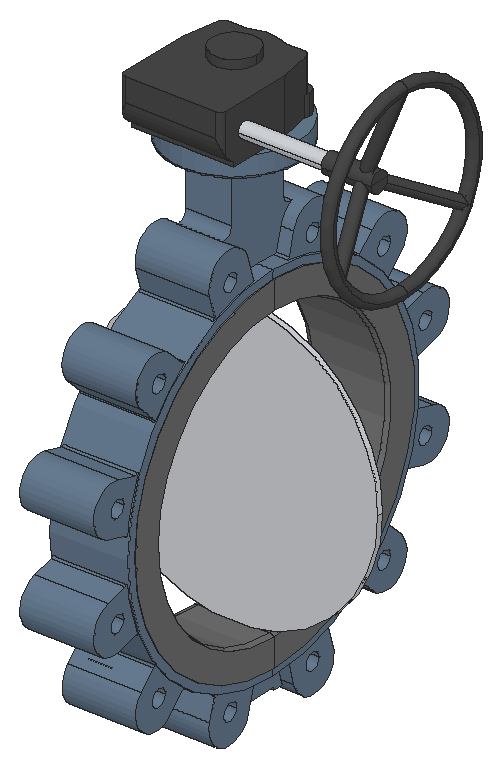
Revit family "HERZ Isolating Butterfly Valves AF-4219 with gearbox", category Rohrzubehör, Revit 2019 (continued)
Definition of nested family "Getriebe für Klappe DN50-DN200"
  Dimensions and locks
    aligned and locked: level to plane 2
  Automatic sketch dimensions
    Extrusion 3 sketch curve to level = 0 mm
    plane 1 "Mitte (Vorne/hinten)" to Extrusion 3 sketch curve = 80 mm
    Extrusion 3 sketch curve to Extrusion 3 sketch curve = 15.427 mm
    Extrusion 3 sketch curve to Extrusion 3 sketch curve = 13.173 mm
    level to Extrusion 3 sketch curve = 4.9 mm
    plane 1 "Mitte (Vorne/hinten)" to Extrusion 5 sketch curve = 0 mm
    Extrusion 5 sketch curve to plane 3 "Mitte (Links/rechts)" = 0 mm
    level to Revolve 7 sketch curve = 28.6 mm  (x2)
    plane 3 "Mitte (Links/rechts)" to Revolve 7 sketch curve = 172 mm
    level to Revolve 7 sketch curve = 26.361 mm
    Revolve 7 sketch curve to Revolve 7 sketch curve = 5.567 mm
    level to Revolve 7 sketch curve = 120.6 mm
    Revolve 7 sketch curve to Revolve 7 sketch curve = 0 mm  (x3)
    plane 3 "Mitte (Links/rechts)" to Revolve 10 sketch curve = 172 mm
    Revolve 10 sketch curve to Revolve 10 sketch curve = 5.567 mm
    Revolve 10 sketch curve to Revolve 10 sketch curve = 37 mm
    Revolve 10 sketch curve to Revolve 10 sketch curve = 2.239 mm
    Revolve 10 sketch curve to Revolve 10 sketch curve = 0 mm  (x4)
    plane 3 "Mitte (Links/rechts)" to Revolve 9 sketch curve = 172 mm
    Revolve 9 sketch curve to Revolve 9 sketch curve = 5.567 mm
    Revolve 9 sketch curve to Revolve 9 sketch curve = 37 mm
    Revolve 9 sketch curve to Revolve 9 sketch curve = 2.239 mm
    Revolve 9 sketch curve to Revolve 9 sketch curve = 0 mm  (x4)
    Extrusion 1 sketch curve to plane 3 "Mitte (Links/rechts)" = 0 mm
    plane 1 "Mitte (Vorne/hinten)" to Extrusion 1 sketch curve = 0 mm  (x2)
    Extrusion 1 sketch curve to plane 1 "Mitte (Vorne/hinten)" = 35.392 mm
    Extrusion 1 sketch curve to Extrusion 1 sketch curve = 18.48 mm  (x2)
    Extrusion 2 sketch curve to plane 3 "Mitte (Links/rechts)" = 35.7 mm
    plane 3 "Mitte (Links/rechts)" to Extrusion 2 sketch curve = 35.7 mm
    Revolve 4 sketch curve to plane 3 "Mitte (Links/rechts)" = 0 mm  (x2)
    Revolve 4 sketch curve to Revolve 4 sketch curve = 0 mm  (x2)
    Revolve 6 sketch curve to plane 3 "Mitte (Links/rechts)" = 1506.53 mm
    Revolve 6 sketch curve to Revolve 6 sketch curve = 1630.148 mm
    Revolve 8 sketch curve to Revolve 8 sketch curve = 7.5 mm
    Revolve 8 sketch curve to Revolve 8 sketch curve = 0 mm  (x2)
    radius of Extrusion 5 sketch curve = 22.3 mm
Definition of nested family "Getriebe für Klappe DN250-DN300"
  Parameters (values of type "Getriebe für Klappe DN250-DN300")
    W01 = 11.19°  # constant formula
    URL = "www.herz-armaturen.at"
    R07 = 92 mm  # constant formula
    R06 = 6 mm  # constant formula
    R05 = 10 mm  # constant formula
    R04 = 7.5 mm  # constant formula
    R03 = 10.5 mm  # constant formula
    R02 = 5.4 mm  # constant formula
    R01 = 44.9 mm  # constant formula
    M01 = 37 mm  # constant formula
    L03 = 52 mm  # constant formula
    L02 = 39.6 mm  # constant formula
    L01 = 80 mm  # constant formula
    Manufacturer = "Herz-Armaturen GmbH"  # constant formula
    H03 = 28.6 mm  # constant formula
    H02 = 20 mm  # constant formula
    H01 = 54 mm  # constant formula
    B05 = 209 mm  # constant formula
    B04 = 22 mm  # constant formula
    B03 = 50 mm  # constant formula
    B02 = 159 mm  # constant formula
    B01 = 51 mm  # constant formula
    A01 = 28.6 mm  # constant formula
  Reference planes
    plane 1 "Mitte (Vorne/hinten)": y = 0
    plane 2: z = 0
    plane 3 "Mitte (Links/rechts)": x = 0
  Forms (mm)
    Extrusion 1, solid, detail levels fine
      sketch origin (0, 0, 0) x (1, 0, 0) y (0, 1, 0)
        loop
          line (51, 0) -> (43.999, 35.392)
          arc (43.999, 35.392) -> (42.103, 38.419) -> (38.732, 39.6) r 5.4
          line (38.732, 39.6) -> (20.252, 39.6)
          arc (20.252, 39.6) -> (0, 44.427) -> (-20.252, 39.6) r 44.9
          line (-20.252, 39.6) -> (-38.732, 39.6)
          arc (-38.732, 39.6) -> (-42.103, 38.419) -> (-43.999, 35.392) r 5.4
          line (-43.999, 35.392) -> (-51, 0) -> (-51, -74.6)
          arc (-51, -74.6) -> (-49.418, -78.418) -> (-45.6, -80) r 5.4
          line (-45.6, -80) -> (45.6, -80)
          arc (45.6, -80) -> (49.418, -78.418) -> (51, -74.6) r 5.4
          line (51, -74.6) -> (51, 0)
      from 0 to 54
    Extrusion 2, solid, detail levels fine
      sketch origin (0, 0, 0) x (1, 0, 0) y (0, 1, 0)
        loop
          circle (-35.7, 37) r 10.5
        loop
          circle (35.7, 37) r 10.5
      from 0 to 20
    Extrusion 3, void
      sketch origin (0, 0, 0) x (0, 1, 0) y (0, 0, 1)
        loop
          line (-80, 0) -> (-64.573, 0) -> (-64.573, 4.9)
          arc (-64.573, 4.9) -> (-75.841, 15.433) -> (-80, 30.286) r 28.6
          line (-80, 30.286) -> (-80, 0)
      from -51 to 51
    Revolve 4, solid, detail levels fine
      sketch origin (0, 0, 28.6) x (1, 0, 0) y (0, 1, 0)
        loop
          line (0, -52) -> (0, -59.5) -> (159, -59.5) -> (159, -52) -> (0, -52)
        axis (0, -52) -> (159, -52)
      angle from 0 to 360
    Extrusion 5, solid, detail levels fine
      sketch origin (0, 0, 0) x (1, 0, 0) y (0, 1, 0)
        loop
          circle (0, 0) r 22.3
      from 54 to 62.5
    Revolve 6, solid, detail levels fine
      sketch origin (0, -52, 28.6) x (1, 0, 0) y (0, 0, 1)
        loop
          circle (209, 92) r 6
        axis (203, 0) -> (215, 0)
      angle from 0 to 360
    Revolve 7, solid, detail levels fine
      sketch origin (0, -52, 0) x (1, 0, 0) y (0, 0, 1)
        loop
          line (209, 120.6) -> (172, 28.6) -> (177.567, 26.361) -> (214.567, 118.361) -> (209, 120.6)
        axis (172, 28.6) -> (209, 120.6)
      angle from 0 to 360
    Revolve 8, solid, detail levels fine
      sketch origin (0, 0, 28.6) x (1, 0, 0) y (0, 1, 0)
        loop
          line (137, -59.5) -> (137, -62) -> (187, -62) -> (187, -52) -> (159, -52) -> (159, -59.5) -> (137, -59.5)
        axis (137, -52) -> (187, -52)
      angle from 0 to 360
    Revolve 9, solid, detail levels fine
      sketch origin (0, -27.232, 42.9) x (1, 0, 0) y (0, -0.866025, -0.5)
        loop
          line (209, 120.6) -> (172, 28.6) -> (177.567, 26.361) -> (214.567, 118.361) -> (209, 120.6)
        axis (172, 28.6) -> (209, 120.6)
      angle from 0 to 360
    Revolve 10, solid, detail levels fine
      sketch origin (0, -76.768, 42.9) x (1, 0, 0) y (0, 0.866025, -0.5)
        loop
          line (209, 120.6) -> (172, 28.6) -> (177.567, 26.361) -> (214.567, 118.361) -> (209, 120.6)
        axis (172, 28.6) -> (209, 120.6)
      angle from 0 to 360
  Cuts and joins
    Extrusion 3 cuts Extrusion 1
  Dimensions and locks
    "B01": Extrusion 1 sketch curve to plane 3 "Mitte (Links/rechts)"
    "B01": plane 3 "Mitte (Links/rechts)" to Extrusion 1 sketch curve
    "L02": plane 1 "Mitte (Vorne/hinten)" to Extrusion 1 sketch curve  (x2)
    "L01": Extrusion 1 sketch curve to plane 1 "Mitte (Vorne/hinten)"
    "M01": plane 1 "Mitte (Vorne/hinten)" to Extrusion 2 sketch curve  (x2)
    "H01": Extrusion 1 to plane 2
    "H02": Extrusion 2 to plane 2
    "L03": Revolve 4 sketch curve to plane 1 "Mitte (Vorne/hinten)"
    "R04": Revolve 4 sketch curve to Revolve 4 sketch curve
    "B02": Revolve 4 sketch curve to Revolve 4 sketch curve
    "H03": Revolve 8 to plane 2
    "H03": Revolve 4 to plane 2
    "L03": Revolve 8 sketch curve to plane 1 "Mitte (Vorne/hinten)"
    "B02": plane 3 "Mitte (Links/rechts)" to Revolve 8 sketch curve
    "R05": Revolve 8 sketch curve to Revolve 8 sketch curve
    "B03": Revolve 8 sketch curve to Revolve 8 sketch curve
    "B04": Revolve 8 sketch curve to Revolve 8 sketch curve
    "R04": Revolve 8 sketch curve to Revolve 8 sketch curve
    "B05": Revolve 6 sketch curve to plane 3 "Mitte (Links/rechts)"
    "R07": Revolve 6 sketch curve to Revolve 6 sketch curve
    "A01": plane 2 to Revolve 6 sketch curve
    "R02": radius of Extrusion 1 sketch curve  (x4)
    "R01": radius of Extrusion 1 sketch curve
    "R03": radius of Extrusion 2 sketch curve  (x2)
    "R06": radius of Revolve 6 sketch curve
    "W01": angle Extrusion 1 sketch curve to Extrusion 1 sketch curve  (x2)
    aligned and locked: level to plane 2
  Automatic sketch dimensions
    Extrusion 3 sketch curve to level = 0 mm
    plane 1 "Mitte (Vorne/hinten)" to Extrusion 3 sketch curve = 80 mm
    Extrusion 3 sketch curve to Extrusion 3 sketch curve = 15.427 mm
    Extrusion 3 sketch curve to Extrusion 3 sketch curve = 13.173 mm
    level to Extrusion 3 sketch curve = 4.9 mm
    plane 1 "Mitte (Vorne/hinten)" to Extrusion 5 sketch curve = 0 mm
    Extrusion 5 sketch curve to plane 3 "Mitte (Links/rechts)" = 0 mm
    level to Revolve 7 sketch curve = 28.6 mm  (x2)
    plane 3 "Mitte (Links/rechts)" to Revolve 7 sketch curve = 172 mm
    level to Revolve 7 sketch curve = 26.361 mm
    Revolve 7 sketch curve to Revolve 7 sketch curve = 5.567 mm
    level to Revolve 7 sketch curve = 120.6 mm
    Revolve 7 sketch curve to Revolve 7 sketch curve = 0 mm  (x3)
    plane 3 "Mitte (Links/rechts)" to Revolve 10 sketch curve = 172 mm
    Revolve 10 sketch curve to Revolve 10 sketch curve = 5.567 mm
    Revolve 10 sketch curve to Revolve 10 sketch curve = 37 mm
    Revolve 10 sketch curve to Revolve 10 sketch curve = 2.239 mm
    Revolve 10 sketch curve to Revolve 10 sketch curve = 0 mm  (x4)
    plane 3 "Mitte (Links/rechts)" to Revolve 9 sketch curve = 172 mm
    Revolve 9 sketch curve to Revolve 9 sketch curve = 5.567 mm
    Revolve 9 sketch curve to Revolve 9 sketch curve = 37 mm
    Revolve 9 sketch curve to Revolve 9 sketch curve = 2.239 mm
    Revolve 9 sketch curve to Revolve 9 sketch curve = 0 mm  (x4)
    Extrusion 1 sketch curve to plane 3 "Mitte (Links/rechts)" = 0 mm
    plane 1 "Mitte (Vorne/hinten)" to Extrusion 1 sketch curve = 0 mm  (x2)
    Extrusion 1 sketch curve to plane 1 "Mitte (Vorne/hinten)" = 35.392 mm
    Extrusion 1 sketch curve to Extrusion 1 sketch curve = 18.48 mm  (x2)
    Extrusion 2 sketch curve to plane 3 "Mitte (Links/rechts)" = 35.7 mm
    plane 3 "Mitte (Links/rechts)" to Extrusion 2 sketch curve = 35.7 mm
    Revolve 4 sketch curve to plane 3 "Mitte (Links/rechts)" = 0 mm  (x2)
    Revolve 4 sketch curve to Revolve 4 sketch curve = 0 mm  (x2)
    Revolve 6 sketch curve to plane 3 "Mitte (Links/rechts)" = 1506.53 mm
    Revolve 6 sketch curve to Revolve 6 sketch curve = 1630.148 mm
    Revolve 8 sketch curve to Revolve 8 sketch curve = 7.5 mm
    Revolve 8 sketch curve to Revolve 8 sketch curve = 0 mm  (x2)
    radius of Extrusion 5 sketch curve = 22.3 mm
